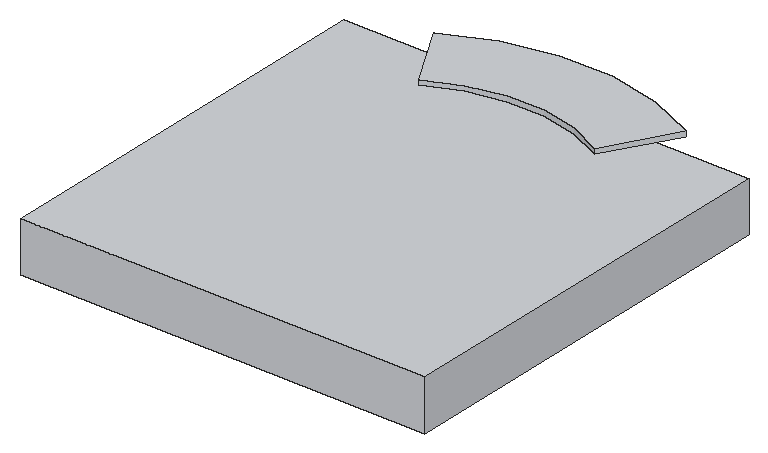
Revit family
Parameters
  Width = 1' - 6"
  URL = "www.coldspringgranite.com"
  TypicalJointSize = 0' - 0 1/4"
  StoneMaterial = none
  StoneAngle = 60.00°
  SettingSpace = Height + SettingBed  # 0' - 2"
  SettingBed = 0' - 0 13/16"
  RightJointOff = no
  RightJointFrontAngle = 2 * (asin(RightJoint / (2 * InsideRadius)))  # 0.170523°
  RightJointBackAngle = 2 * (asin(RightJoint / (2 * OutsideRadius)))  # 0.119366°
  RightJoint = if(RightJointOff, 0' 0", TypicalJointSize / 2)  # 0' - 0 1/8"
  Product Name = "Paving Stone Panels with Radius on Two Sides"
  Product Documentation Link = "http://www.coldspringgranite.com/BIM_Families/Family_Detail/Paving_Stone_Panels_with_Radius_on_two_Sides/"
  PhoneNumber = "800-551-7502"
  OutsideRise = OutsideRadius - (OutsideRadius * cos(StoneAngle / 2))  # 0' - 8.03848"
  OutsideRadius = 5' - 0"
  Notes = ""
  Model = "N/A"
  Manufacturer = "Cold Spring Granite Company"
  Low Emitting Material = yes
  Low Emitting Finish = yes
  Location = "17482 Granite West Road, Cold Spring, MN  56320-4578"
  Length = 2 * (OutsideRadius * sin(StoneAngle / 2))  # 5' - 0"
  LeftJointOff = no
  LeftJointFrontAngle = 2 * (asin(LeftJoint / (2 * InsideRadius)))  # 0.170523°
  LeftJointBackAngle = 2 * (asin(LeftJoint / (2 * OutsideRadius)))  # 0.119366°
  LeftJoint = if(LeftJointOff, 0' 0", TypicalJointSize / 2)  # 0' - 0 1/8"
  LEED Credit = ""
  Keynote = "096340"
  InsideRise = InsideRadius - (InsideRadius * cos(StoneAngle / 2))  # 0' - 5.62693"
  InsideRadius = OutsideRadius - Width  # 3' - 6"
  Height = 0' - 1 3/16"
  FrontHalfLengthRight = InsideRadius * sin((StoneAngle - (RightJointFrontAngle * 2)) / 2)  # 1' - 8.89165"
  FrontHalfLengthLeft = InsideRadius * sin((StoneAngle - (LeftJointFrontAngle * 2)) / 2)  # 1' - 8.89165"
  FrontHalfLength = InsideRadius * sin(StoneAngle / 2)  # 1' - 9"
  Description = "Stone Floor Paving - Radius Two Sides"
  Default Elevation = 0' - 0"
  BackHalfLengthRight = OutsideRadius * sin((StoneAngle - (RightJointBackAngle * 2)) / 2)  # 2' - 5.89168"
  BackHalfLengthLeft = OutsideRadius * sin((StoneAngle - (LeftJointBackAngle * 2)) / 2)  # 2' - 5.89168"
  Assembly Code = "C3020400"
  ActualOutsideRiseRight = OutsideRadius - (OutsideRadius * cos((StoneAngle - (RightJointBackAngle * 2)) / 2))  # 0' - 7.97609"
  ActualOutsideRiseLeft = OutsideRadius - (OutsideRadius * cos((StoneAngle - (LeftJointBackAngle * 2)) / 2))  # 0' - 7.97609"
  ActualInsideRiseRight = InsideRadius - (InsideRadius * cos((StoneAngle - (RightJointFrontAngle * 2)) / 2))  # 0' - 5.56459"
  ActualInsideRiseLeft = InsideRadius - (InsideRadius * cos((StoneAngle - (LeftJointFrontAngle * 2)) / 2))  # 0' - 5.56459"
  ADA Compliant = yes
Reference planes (in)
  plane 1 "Center (Front/Back)": y = 0
  plane 2: z = 0
  plane 3 "Center (Left/Right)": x = 0
  plane 4 "StoneLeftFront": x = -20.89165
  plane 5 "LeftFront": x = -21
  plane 6 "StoneLeftBack": x = -29.89168
  plane 7 "LeftBack": x = -30
  plane 8 "StoneRightFront": x = 20.89165
  plane 9 "RightFront": x = 21
  plane 10 "StoneRightBack": x = 29.89168
  plane 11 "RightBack": x = 30
  plane 12 "FrontCenter": y = 42
  plane 13 "FrontEnds": y = 36.37307
  plane 14 "BackEnds": y = 51.96152
  plane 15 "BackCenter": y = 60
  plane 16 "FrontLeft": y = 36.43541
  plane 17 "BackLeft": y = 52.02391
  plane 18 "FrontRight": y = 36.43541
  plane 19 "BackRight": y = 52.02391
  plane 20 "StoneBottom": z = 0.8125
  plane 21 "StoneTop": z = 2
Forms (in)
  Extrusion 1, solid
    sketch origin (0, 0, 0) x (1, 0, 0) y (0, 1, 0)
      loop
        line (-48, 48) -> (-48, -48) -> (48, -48) -> (48, 48) -> (-48, 48)
    from 0 to -12
  Extrusion 2, solid, material <- "StoneMaterial", detail levels coarse
    sketch origin (0, 0, 0) x (1, 0, 0) y (0, 1, 0)
      loop
        line (-30, 51.96152) -> (-21, 36.37307)
        arc (-21, 36.37307) -> (0, 42) -> (21, 36.37307) r 42
        line (21, 36.37307) -> (30, 51.96152)
        arc (30, 51.96152) -> (0, 60) -> (-30, 51.96152) r 60
    from 0.8125 to 2
  Extrusion 3, solid, material <- "StoneMaterial", detail levels medium+fine
    sketch origin (0, 0, 0) x (1, 0, 0) y (0, 1, 0)
      loop
        arc (-20.89165, 36.43541) -> (0, 42) -> (20.89165, 36.43541) r 42
        line (20.89165, 36.43541) -> (29.89168, 52.02391)
        arc (29.89168, 52.02391) -> (0, 60) -> (-29.89168, 52.02391) r 60
        line (-29.89168, 52.02391) -> (-20.89165, 36.43541)
    from 0.8125 to 2
Lines and regions (in)
  Masking region 1, detail levels coarse
    outline origin (0, 0, 0) x (1, 0, 0) y (0, 1, 0)
      loop
        arc (-21, 36.37307) -> (0, 42) -> (21, 36.37307) r 42
        line (21, 36.37307) -> (30, 51.96152)
        arc (30, 51.96152) -> (0, 60) -> (-30, 51.96152) r 60
        line (-30, 51.96152) -> (-21, 36.37307)
  Masking region 2, detail levels medium+fine
    outline origin (0, 0, 0) x (1, 0, 0) y (0, 1, 0)
      loop
        arc (-20.89165, 36.43541) -> (0, 42) -> (20.89165, 36.43541) r 42
        line (20.89165, 36.43541) -> (29.89168, 52.02391)
        arc (29.89168, 52.02391) -> (0, 60) -> (-29.89168, 52.02391) r 60
        line (-29.89168, 52.02391) -> (-20.89165, 36.43541)
  Masking region 3, detail levels coarse
    outline origin (0, 36.37307, 0) x (-1, 0, 0) y (0, 0, 1)
      loop
        line (21, 2) -> (-21, 2) -> (-21, 0.8125) -> (21, 0.8125) -> (21, 2)
  Masking region 4, detail levels coarse
    outline origin (0, 60, 0) x (-1, 0, 0) y (0, 0, 1)
      loop
        line (30, 0.8125) -> (30, 2) -> (-30, 2) -> (-30, 0.8125) -> (30, 0.8125)
  Masking region 5, detail levels medium+fine
    outline origin (0, 36.37307, 0) x (-1, 0, 0) y (0, 0, 1)
      loop
        line (20.89165, 0.8125) -> (20.89165, 2) -> (-20.89165, 2) -> (-20.89165, 0.8125) -> (20.89165, 0.8125)
  Masking region 6, detail levels medium+fine
    outline origin (0, 60, 0) x (-1, 0, 0) y (0, 0, 1)
      loop
        line (29.89168, 2) -> (-29.89168, 2) -> (-29.89168, 0.8125) -> (29.89168, 0.8125) -> (29.89168, 2)
  Masking region 7, detail levels coarse
    outline origin (0, 0, 0) x (0, 1, 0) y (0, 0, 1)
      loop
        line (60, 2) -> (36.37307, 2) -> (36.37307, 0.8125) -> (60, 0.8125) -> (60, 2)
  Masking region 8, detail levels fine
    outline origin (0, 0, 0) x (0, 1, 0) y (0, 0, 1)
      loop
        line (60, 2) -> (42, 2) -> (42, 0.8125) -> (60, 0.8125) -> (60, 2)
  Masking region 9, detail levels medium
    outline origin (-30, 0, 0) x (0, -1, 0) y (0, 0, 1)
      loop
        line (-60, 2) -> (-60, 0.8125) -> (-36.43541, 0.8125) -> (-36.43541, 2) -> (-60, 2)
  Masking region 10, detail levels medium
    outline origin (30, 0, 0) x (0, -1, 0) y (0, 0, 1)
      loop
        line (-60, 2) -> (-60, 0.8125) -> (-36.43541, 0.8125) -> (-36.43541, 2) -> (-60, 2)
  symbolic lines, detail levels coarse
    curve 1: line (0, 51.96152, 2) -> (0, 51.96152, 0.8125)
  symbolic lines, detail levels medium
    curve 2: line (-30, 52.02391, 2) -> (-30, 52.02391, 0.8125)
    curve 3: line (30, 52.02391, 2) -> (30, 52.02391, 0.8125)
Dimensions and locks (in)
  "OutsideRadius": plane 1 "Center (Front/Back)" to plane 15 "BackCenter"
  "Width": plane 15 "BackCenter" to plane 12 "FrontCenter"
  "OutsideRise": plane 15 "BackCenter" to plane 14 "BackEnds"
  "InsideRise": plane 12 "FrontCenter" to plane 13 "FrontEnds"
  "ActualOutsideRiseLeft": plane 15 "BackCenter" to plane 17 "BackLeft"
  "ActualInsideRiseLeft": plane 12 "FrontCenter" to plane 16 "FrontLeft"
  "ActualOutsideRiseRight": plane 15 "BackCenter" to plane 19 "BackRight"
  "ActualInsideRiseRight": plane 12 "FrontCenter" to plane 18 "FrontRight"
  equal spacing: plane 7 "LeftBack", plane 3 "Center (Left/Right)", plane 11 "RightBack"
  "Length": plane 7 "LeftBack" to plane 11 "RightBack"
  "BackHalfLengthLeft": plane 6 "StoneLeftBack" to plane 3 "Center (Left/Right)"
  "BackHalfLengthRight": plane 3 "Center (Left/Right)" to plane 10 "StoneRightBack"
  "FrontHalfLength": plane 5 "LeftFront" to plane 3 "Center (Left/Right)"
  "FrontHalfLength": plane 3 "Center (Left/Right)" to plane 9 "RightFront"
  "FrontHalfLengthLeft": plane 4 "StoneLeftFront" to plane 3 "Center (Left/Right)"
  "FrontHalfLengthRight": plane 3 "Center (Left/Right)" to plane 8 "StoneRightFront"
  "SettingSpace": plane 21 "StoneTop" to plane 2
  "Height": plane 21 "StoneTop" to plane 20 "StoneBottom"
  "InsideRadius": radius of Extrusion 2 sketch curve
  "OutsideRadius": radius of Extrusion 2 sketch curve
  "InsideRadius": radius of Extrusion 3 sketch curve
  "OutsideRadius": radius of Extrusion 3 sketch curve
  "InsideRadius": radius of Masking region 1 sketch curve
  "OutsideRadius": radius of Masking region 1 sketch curve
  "InsideRadius": radius of Masking region 2 sketch curve
  "OutsideRadius": radius of Masking region 2 sketch curve
  aligned and locked: plane 2 to Extrusion 1
  aligned and locked: level to Extrusion 1
  aligned and locked: plane 5 "LeftFront" to Extrusion 2 sketch curve
  aligned and locked: plane 13 "FrontEnds" to Extrusion 2 sketch curve  (x2)
  aligned and locked: plane 7 "LeftBack" to Extrusion 2 sketch curve
  aligned and locked: plane 14 "BackEnds" to Extrusion 2 sketch curve  (x2)
  aligned and locked: plane 9 "RightFront" to Extrusion 2 sketch curve
  aligned and locked: plane 11 "RightBack" to Extrusion 2 sketch curve
  aligned and locked: Extrusion 2 to plane 20 "StoneBottom"
  aligned and locked: plane 21 "StoneTop" to Extrusion 2
  aligned and locked: plane 16 "FrontLeft" to Extrusion 3 sketch curve
  aligned and locked: plane 18 "FrontRight" to Extrusion 3 sketch curve
  aligned and locked: plane 10 "StoneRightBack" to Extrusion 3 sketch curve
  aligned and locked: plane 17 "BackLeft" to Extrusion 3 sketch curve
  aligned and locked: plane 6 "StoneLeftBack" to Extrusion 3 sketch curve
  aligned and locked: plane 4 "StoneLeftFront" to Extrusion 3 sketch curve
  aligned and locked: plane 8 "StoneRightFront" to Extrusion 3 sketch curve
  aligned and locked: plane 19 "BackRight" to Extrusion 3 sketch curve
  aligned and locked: Extrusion 3 to plane 20 "StoneBottom"
  aligned and locked: plane 21 "StoneTop" to Extrusion 3
  aligned and locked: plane 5 "LeftFront" to Masking region 1 sketch curve
  aligned and locked: plane 13 "FrontEnds" to Masking region 1 sketch curve  (x2)
  aligned and locked: plane 9 "RightFront" to Masking region 1 sketch curve
  aligned and locked: plane 14 "BackEnds" to Masking region 1 sketch curve  (x2)
  aligned and locked: plane 7 "LeftBack" to Masking region 1 sketch curve
  aligned and locked: plane 11 "RightBack" to Masking region 1 sketch curve
  aligned and locked: plane 18 "FrontRight" to Masking region 2 sketch curve
  aligned and locked: plane 19 "BackRight" to Masking region 2 sketch curve
  aligned and locked: plane 4 "StoneLeftFront" to Masking region 2 sketch curve
  aligned and locked: plane 16 "FrontLeft" to Masking region 2 sketch curve
  aligned and locked: plane 17 "BackLeft" to Masking region 2 sketch curve
  aligned and locked: plane 6 "StoneLeftBack" to Masking region 2 sketch curve
  aligned and locked: plane 8 "StoneRightFront" to Masking region 2 sketch curve
  aligned and locked: plane 10 "StoneRightBack" to Masking region 2 sketch curve
  aligned and locked: Masking region 3 sketch curve to plane 21 "StoneTop"
  aligned and locked: Masking region 3 sketch curve to plane 20 "StoneBottom"
  aligned and locked: Masking region 3 sketch curve to plane 5 "LeftFront"
  aligned and locked: Masking region 3 sketch curve to plane 9 "RightFront"
  aligned and locked: Masking region 4 sketch curve to plane 20 "StoneBottom"
  aligned and locked: Masking region 4 sketch curve to plane 21 "StoneTop"
  aligned and locked: Masking region 4 sketch curve to plane 7 "LeftBack"
  aligned and locked: Masking region 4 sketch curve to plane 11 "RightBack"
  aligned and locked: Masking region 5 sketch curve to plane 4 "StoneLeftFront"
  aligned and locked: Masking region 5 sketch curve to plane 8 "StoneRightFront"
  aligned and locked: Masking region 5 sketch curve to plane 21 "StoneTop"
  aligned and locked: Masking region 5 sketch curve to plane 20 "StoneBottom"
  aligned and locked: Masking region 6 sketch curve to plane 21 "StoneTop"
  aligned and locked: Masking region 6 sketch curve to plane 20 "StoneBottom"
  aligned and locked: Masking region 6 sketch curve to plane 6 "StoneLeftBack"
  aligned and locked: Masking region 6 sketch curve to plane 10 "StoneRightBack"
  aligned and locked: Masking region 7 sketch curve to plane 21 "StoneTop"
  aligned and locked: Masking region 7 sketch curve to plane 20 "StoneBottom"
  aligned and locked: plane 15 "BackCenter" to Masking region 7 sketch curve
  aligned and locked: plane 13 "FrontEnds" to Masking region 7 sketch curve
  aligned and locked: plane 21 "StoneTop" to curve 1
  aligned and locked: plane 20 "StoneBottom" to curve 1
  aligned and locked: plane 14 "BackEnds" to curve 1
  aligned and locked: Masking region 8 sketch curve to plane 21 "StoneTop"
  aligned and locked: Masking region 8 sketch curve to plane 20 "StoneBottom"
  aligned and locked: plane 15 "BackCenter" to Masking region 8 sketch curve
  aligned and locked: plane 12 "FrontCenter" to Masking region 8 sketch curve
  aligned and locked: Masking region 9 sketch curve to plane 21 "StoneTop"
  aligned and locked: Masking region 9 sketch curve to plane 20 "StoneBottom"
  aligned and locked: plane 15 "BackCenter" to Masking region 9 sketch curve
  aligned and locked: plane 16 "FrontLeft" to Masking region 9 sketch curve
  aligned and locked: Masking region 10 sketch curve to plane 21 "StoneTop"
  aligned and locked: Masking region 10 sketch curve to plane 20 "StoneBottom"
  aligned and locked: plane 15 "BackCenter" to Masking region 10 sketch curve
  aligned and locked: plane 18 "FrontRight" to Masking region 10 sketch curve
  aligned and locked: plane 21 "StoneTop" to curve 3
  aligned and locked: plane 20 "StoneBottom" to curve 3
  aligned and locked: plane 19 "BackRight" to curve 3
  aligned and locked: plane 21 "StoneTop" to curve 2
  aligned and locked: plane 20 "StoneBottom" to curve 2
  aligned and locked: plane 17 "BackLeft" to curve 2
Automatic sketch dimensions
  Extrusion 1 sketch curve to Extrusion 1 sketch curve = 8' - 0"  (x2)
Nested families (in)
  nested 1: "CopyRight" at (0, 0, 0), type "CopyRight"
Definition of nested family "CopyRight"
  Parameters (values of type "CopyRight")
    CopyRight = "Cold Spring Granite Company"
  Reference planes (in)
    plane 1: z = 0
